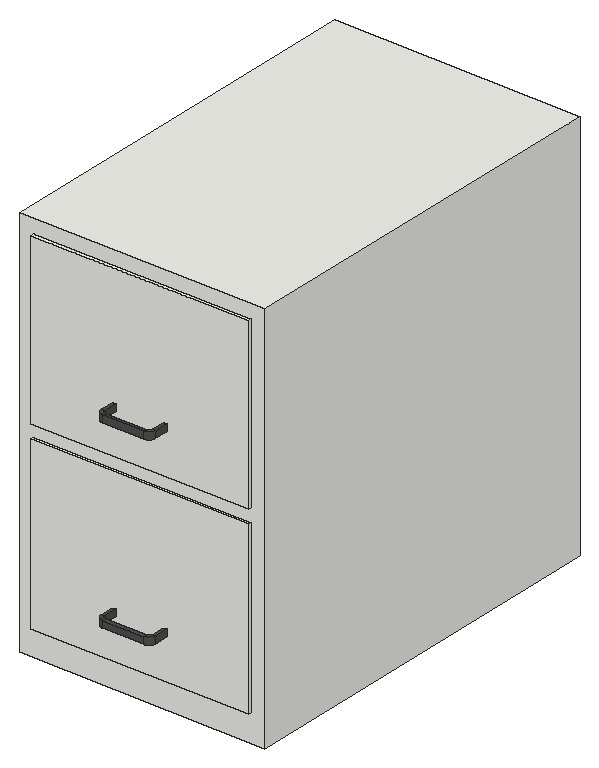
Revit family
Parameters (values of type "0457 x 0734mm")
  Cabinet Material = Metal - Paint Finish - Ivory, Glossy
  Depth = 734.00 mm
  Handle Material = Metal - Chrome
  Height = 734.00 mm
  Width = 457.00 mm
Types (7, lengths in mm): name | Depth | Height | Width
  (no name) | 734.00 | 734.00 | 457.00
  0380 x 0457mm | 457.00 | 734.00 | 380.00
  0380 x 0635mm | 635.00 | 734.00 | 380.00
  0380 x 0734mm | 734.00 | 734.00 | 380.00
  0457 x 0734mm | 734.00 | 734.00 | 457.00
  0915 x 0380mm Lat. | 380.00 | 711.00 | 915.00
  0915 x 0457mm Lat. | 457.00 | 711.00 | 915.00
Reference planes
  plane 1 "Center (Front/Back)": y = -142.134
  plane 2: z = 0
  plane 3 "Center (Left/Right)": x = -127.896
  plane 4: x = 100.604
  plane 5: x = -356.396
  plane 6: y = 224.866
  plane 7: y = -509.134
  plane 8: z = 734
  plane 9: z = 50.8
  plane 10: y = -515.484
Forms (mm)
  Extrusion 1, solid, material "Metal - Paint Finish - Ivory, Glossy" <- "Cabinet Material"
    sketch origin (0, 224.866, 0) x (1, 0, 0) y (0, 0, 1)
      loop
        line (-330.996, 708.6) -> (-330.996, 393.7) -> (75.204, 393.7) -> (75.204, 708.6) -> (-330.996, 708.6)
      loop
        line (-330.996, 368.3) -> (-330.996, 50.8) -> (75.204, 50.8) -> (75.204, 368.3) -> (-330.996, 368.3)
    from 734 to 740.35
  Extrusion 2, solid, material "Metal - Paint Finish - Ivory, Glossy" <- "Cabinet Material"
    sketch origin (0, 0, 0) x (1, 0, 0) y (0, 1, 0)
      loop
        line (-356.396, 224.866) -> (-356.396, -509.134) -> (100.604, -509.134) -> (100.604, 224.866) -> (-356.396, 224.866)
    from 0 to 734
  Sweep 3, solid, material "Metal - Chrome" <- "Handle Material"
    path origin (0, 0, 0) x (1, 0, 0) y (0, 1, 0)
      loop
        line (-178.696, -515.484) -> (-178.696, -540.884)
        arc (-178.696, -540.884) -> (-174.977, -549.865) -> (-165.996, -553.584) r 12.7
        line (-165.996, -553.584) -> (-89.796, -553.584)
        arc (-89.796, -553.584) -> (-80.816, -549.865) -> (-77.096, -540.884) r 12.7
        line (-77.096, -540.884) -> (-77.096, -515.484)
    profile origin (0, -528.184, 0) x (1, 0, 0) y (0, 0, 1)
      loop
        line (-178.696, 127) -> (-172.346, 127) -> (-172.346, 139.7) -> (-178.696, 139.7) -> (-178.696, 127)
      loop
        line (-178.696, 469.9) -> (-172.346, 469.9) -> (-172.346, 482.6) -> (-178.696, 482.6) -> (-178.696, 469.9)
Lines and regions (mm)
  Masking region 1
    outline origin (0, 0, 0) x (1, 0, 0) y (0, 1, 0)
      loop
        line (-356.396, 224.866) -> (-356.396, -509.134) -> (100.604, -509.134) -> (100.604, 224.866) -> (-356.396, 224.866)
  symbolic lines
    curve 1: line (-89.796, -547.234, 0) -> (-165.996, -547.234, 0)
    curve 2: line (-172.346, -540.884, 0) -> (-172.346, -509.134, 0)
    curve 3: line (-83.446, -509.134, 0) -> (-83.446, -540.884, 0)
    curve 4: arc (-172.346, -540.884, 0) -> (-170.487, -545.374, 0) -> (-165.996, -547.234, 0) r 6.35
    curve 5: arc (-89.796, -547.234, 0) -> (-85.306, -545.374, 0) -> (-83.446, -540.884, 0) r 6.35
Dimensions and locks
  equal spacing: plane 5, plane 3 "Center (Left/Right)", plane 4
  equal spacing: plane 7, plane 1 "Center (Front/Back)", plane 6
  "Width": plane 5 to plane 4
  "Depth": plane 7 to plane 6
  "Height": plane 8 to plane 2
  plane 7 to plane 10 = 6.35 mm
  aligned and locked: Extrusion 2 to plane 8
  aligned and locked: Extrusion 2 to level
  aligned and locked: Extrusion 1 to plane 7
  aligned and locked: Extrusion 1 to plane 10
  aligned and locked: plane 6 to Masking region 1 sketch curve
  aligned and locked: Masking region 1 sketch curve to plane 5
  aligned and locked: plane 4 to Masking region 1 sketch curve
  aligned and locked: Masking region 1 sketch curve to plane 7
  aligned and locked: curve 2 to Sweep 3
  aligned and locked: curve 3 to Sweep 3
  aligned and locked: curve 1 to Sweep 3
  aligned and locked: plane 7 to curve 3
  aligned and locked: plane 7 to curve 2
Automatic sketch dimensions
  Extrusion 1 sketch curve to plane 5 = 25.40 mm  (x2)
  plane 4 to Extrusion 1 sketch curve = 25.40 mm  (x2)
  level to Extrusion 1 sketch curve = 50.80 mm
  plane 8 to Extrusion 1 sketch curve = 25.40 mm
  Extrusion 2 sketch curve to plane 4 = 0.00 mm
  Extrusion 2 sketch curve to plane 7 = 0.00 mm
  Sweep 3 sketch curve to plane 10 = 0.00 mm  (x2)
  Sweep 3 sketch curve to plane 10 = 25.40 mm
  Sweep 3 sketch curve to plane 3 "Center (Left/Right)" = 50.80 mm
  Sweep 3 sketch curve to Sweep 3 sketch curve = 12.70 mm  (x3)
  plane 3 "Center (Left/Right)" to Sweep 3 sketch curve = 38.10 mm
  plane 7 to Sweep 3 sketch curve = 31.75 mm
  Sweep 3 sketch curve to profile plane = 0.00 mm  (x2)
  Sweep 3 sketch curve to profile plane = 6.35 mm  (x2)
  level to Sweep 3 sketch curve = 127.00 mm
  Sweep 3 sketch curve to Sweep 3 sketch curve = 330.20 mm
  Extrusion 1 sketch curve to Extrusion 1 sketch curve = 25.40 mm
  Extrusion 1 sketch curve to Extrusion 1 sketch curve = 317.50 mm
  Extrusion 2 sketch curve to plane 5 = 0.00 mm
  Extrusion 2 sketch curve to plane 6 = 0.00 mm
  curve 4 to curve 4 = 6.35 mm
  curve 5 to curve 3 = 6.35 mm
